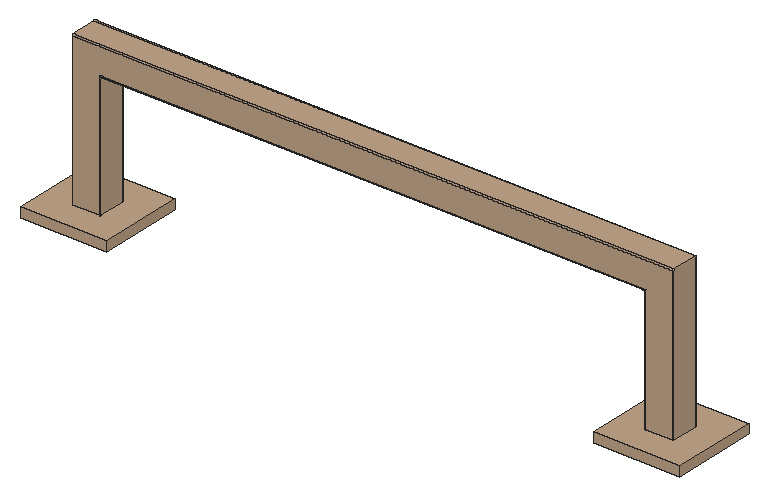
Revit family "Accessory-Towel_Bar-KALLISTA-Italy-P32744", category Specialty Equipment, host Face, Revit 2021
Family settings
  Host = Face
  Round Connector Dimension = Use Diameter
  Part Type = Normal
  OmniClass Number = 23.31.25.25
  OmniClass Title = Towel Bars
  Cut with Voids When Loaded = No
  Shared = No
  Room Calculation Point = No
Parameters (values of type "BLH-Blush Brass")
  Width = 3.34642"  # constant formula
  WaterSense Certified = 1 = 0  # no
  URL = "https://www.kallista.com/"
  Type = 6
  Product Page URL = ""
  Product Name = "Italy"  # constant formula
  Product Documentation Link = ""
  Model = if(Type = 1, "P32744\r\n-2MB", if(Type = 2, "P32744-BGP", if(Type = 3, "P32744-BN", if(Type = 4, "P32744-CP", if(Type = 5, "P32744-PGP", if(Type = 6, "P32744-BLH", "NA"))))))  # "P32744-BLH"
  Material = "Premium Metal Construction"  # constant formula
  Master Format 2014 Name = "Toilet, Bath, and Laundry Accessories"  # constant formula
  Master Format 2014 = "10 28 00"  # constant formula
  Manufacturer Address = "444 Highland Dr, Kohler, WI 53044"  # constant formula
  Manufacturer = "kallista Co."  # constant formula
  Length = 13.58575"  # constant formula
  Height = 1.77165"  # constant formula
  Finish = Kallista-Metal-BLH-Blush_Brass
  Environmental Product Declaration = ""
  Description = "12 Inch Towel Bar"  # constant formula
  Default Elevation = 42"
  Declare Label = ""
  Date Modified = "10/14/2024"  # constant formula
  Date Created = "10/14/2024"  # constant formula
  Copyright = "Copyright kallista Co."  # constant formula
  Contact Us = "https://www.kallista.com/corporate/contact-us/"
  Assembly Code = "C1030200"
  ADA Compliant = 1 = 0  # no
Types (7): name | Type | Model | Finish
  (no name) | 6 | "P32744-BLH" | Kallista-Metal-BLH-Blush_Brass
  2MB- Brushed Brass | 1 | "P32744\r\n-2MB" | Kallista-Metal-2MB- Brushed_Brass
  BGP-Brushed Graphite | 2 | "P32744-BGP" | Kallista-Metal-BGP-Brushed_Graphite
  BN-Brushed Nickel | 3 | "P32744-BN" | Kallista-Metal-BLH-Blush_Brass
  CP-Chrome | 4 | "P32744-CP" | Kallista-Metal-CP-Chrome
  PGP-Polished Graphite | 5 | "P32744-PGP" | Kallista-Metal-PGP-Polished_Graphite
  BLH-Blush Brass | 6 | "P32744-BLH" | Kallista-Metal-BLH-Blush_Brass
Reference planes (in)
  plane 1 "Center (Front/Back)": y = 0
  plane 2: z = 0
  plane 3 "Center (Left/Right)": x = 0
  plane 4: z = 3.34642
  plane 5: y = -0.88583
  plane 6: y = 0.88583
  plane 7: z = 2.75591
  plane 8: z = 0.19685
  plane 9: x = -6.74963
  plane 10: x = -4.97491
  plane 11: x = 5.066
  plane 12: x = 6.23598
  plane 13: y = 0.29528
  plane 14: y = -0.29528
  plane 15: y = 0
  plane 16: x = -6.15601
  plane 17: x = 6.83612
  plane 18: x = -5.56854
  plane 19: x = 5.65501
Dimensions and locks (in)
  plane 7 to level = 2.75591"
  plane 8 to level = 0.19685"
  "Height": plane 5 to plane 6
  plane 5 to plane 6 = 1.77165"
  "Length": plane 9 to plane 17
  plane 16 to plane 12 = 12.39199"
  plane 10 to plane 11 = 10.04091"
  "Width": plane 4 to level
  aligned and locked: plane 2 to host face
  aligned and locked: level to host face
  aligned and locked: plane 1 "Center (Front/Back)" to nested 1
  aligned and locked: plane 3 "Center (Left/Right)" to nested 1
Automatic sketch dimensions
  host sketch curve to host sketch curve = 96"  (x2)
Nested families (in)
  nested 1: "P32744" at (0, 0, 0), type "P32744"
Definition of nested family "P32744"
  Parameters
    Material = none
    Default Elevation = 0"
  Reference planes (in)
    plane 1 "Center (Front/Back)": y = 0
    plane 2: z = 0
    plane 3 "Center (Left/Right)": x = 0
    plane 4: x = -6.74963
    plane 5: x = -6.15601
    plane 6: x = -6.74963
    plane 7: z = 3.34646
    plane 8: x = -5.56854
    plane 9: y = 0.88583
    plane 10: y = -0.88583
    plane 11: y = -0.29528
    plane 12: y = 0.29528
    plane 13: z = 0.19685
    plane 14: y = 0.88583
    plane 15: y = -0.88583
    plane 16: x = 6.23598
    plane 17: x = 5.65501
    plane 18: z = 2.75591
    plane 19: x = 5.93165
    plane 20: x = -5.86227
    plane 21: y = 0.29528
    plane 22: y = 0.29528
    plane 23: y = 0.29528
    plane 24: x = 6.83611
    plane 25: x = 5.066
    plane 26: y = -0.29528
    plane 27: x = -4.97491
  Forms (in)
    Sweep 1, solid, material <- "Material", detail levels medium+fine
      path origin (-0.05521, 0, 0) x (1, 0, 0) y (0, 0, 1)
        loop
          line (-6.10462, 0.19685) -> (-6.10462, 3.34646) -> (6.29696, 3.34646) -> (6.29696, 0.19685)
      profile origin (-6.15983, 0, 1.77165) x (-1, 0, 0) y (0, -1, 0)
        loop
          line (-0.59055, 0.27573) -> (-0.59055, -0.27545)
          arc (-0.59055, -0.27545) -> (-0.58479, -0.28937) -> (-0.57087, -0.29514) r 0.01969
          line (-0.57087, -0.29514) -> (-0.01969, -0.29514)
          arc (-0.01969, -0.29514) -> (-0.00577, -0.28937) -> (0, -0.27545) r 0.01969
          line (0, -0.27545) -> (0, 0.27573)
          arc (0, 0.27573) -> (-0.00577, 0.28965) -> (-0.01969, 0.29542) r 0.01969
          line (-0.01969, 0.29542) -> (-0.57087, 0.29542)
          arc (-0.57087, 0.29542) -> (-0.58479, 0.28965) -> (-0.59055, 0.27573) r 0.01969
    Sweep 2, solid, material <- "Material", detail levels coarse
      path origin (-0.05139, 0, 0.00068) x (1, 0, 0) y (0, 0, 1)
        loop
          line (-6.10462, 0.19685) -> (-6.10462, 3.34646) -> (6.29696, 3.34646) -> (6.29696, 0.19685)
      profile origin (-6.15601, 0, 1.77233) x (-1, 0, 0) y (0, -1, 0)
        loop
          line (-0.59055, 0.27559) -> (-0.59055, -0.27559)
          arc (-0.59055, -0.27559) -> (-0.58479, -0.28951) -> (-0.57087, -0.29528) r 0.01969
          line (-0.57087, -0.29528) -> (-0.01969, -0.29528)
          arc (-0.01969, -0.29528) -> (-0.00577, -0.28951) -> (0, -0.27559) r 0.01969
          line (0, -0.27559) -> (0, 0.27559)
          arc (0, 0.27559) -> (-0.00577, 0.28951) -> (-0.01969, 0.29528) r 0.01969
          line (-0.01969, 0.29528) -> (-0.57087, 0.29528)
          arc (-0.57087, 0.29528) -> (-0.58479, 0.28951) -> (-0.59055, 0.27559) r 0.01969
    Extrusion 3, solid, material <- "Material", detail levels medium+fine
      sketch origin (-0.05446, 0, 0) x (1, 0, 0) y (0, 0, 1)
        loop
          line (-6.69517, 0.19685) -> (-6.69517, 0) -> (-4.92045, 0) -> (-4.92045, 0.19685) -> (-6.69517, 0.19685)
      from -0.88583 to 0.88583
    Extrusion 4, solid, material <- "Material", detail levels coarse
      sketch origin (-0.05446, 0, 0) x (1, 0, 0) y (0, 0, 1)
        loop
          line (-6.69517, 0.19685) -> (-6.69517, 0) -> (-4.92044, 0) -> (-4.92044, 0.19685) -> (-6.69517, 0.19685)
      from -0.88583 to 0.88583
    Extrusion 5, solid, material <- "Material", detail levels medium+fine
      sketch origin (0.13941, 0, 0) x (-1, 0, 0) y (0, 0, -1)
        loop
          line (-6.70131, -0.19685) -> (-4.92659, -0.19685) -> (-4.92659, 0) -> (-6.70131, 0) -> (-6.70131, -0.19685)
      from -0.88583 to 0.88583
    Extrusion 6, solid, material <- "Material", detail levels coarse
      sketch origin (0.14249, 0, 0) x (-1, 0, 0) y (0, 0, -1)
        loop
          line (-6.70131, -0.19685) -> (-4.92659, -0.19685) -> (-4.92659, 0) -> (-6.70131, 0) -> (-6.70131, -0.19685)
      from -0.88583 to 0.88583
  Lines and regions (in)
    Masking region 1
      outline origin (0.00307, 0, 0) x (1, 0, 0) y (0, 0, 1)
        loop
          line (6.83304, 0) -> (6.83304, 0.19685) -> (6.23291, 0.19685) -> (6.23291, 3.32674)
          arc (6.23291, 3.32674) -> (6.22714, 3.34066) -> (6.21323, 3.34643) r 0.01969
          line (6.21323, 3.34643) -> (-6.1394, 3.34643)
          arc (-6.1394, 3.34643) -> (-6.15332, 3.34066) -> (-6.15908, 3.32674) r 0.01969
          line (-6.15908, 3.32674) -> (-6.15908, 0.19685) -> (-6.7527, 0.19685) -> (-6.7527, 0) -> (-4.97798, 0) -> (-4.97798, 0.19685) -> (-5.57161, 0.19685) -> (-5.57161, 2.73622)
          arc (-5.57161, 2.73622) -> (-5.56584, 2.75014) -> (-5.55192, 2.75591) r 0.01969
          line (-5.55192, 2.75591) -> (5.63226, 2.75591)
          arc (5.63226, 2.75591) -> (5.64618, 2.75014) -> (5.65194, 2.73622) r 0.01969
          line (5.65194, 2.73622) -> (5.65194, 0.19685) -> (5.06293, 0.19685) -> (5.06293, 0) -> (6.83304, 0)
    Masking region 2
      outline origin (0, -0.88583, 0) x (1, 0, 0) y (0, 1, 0)
        loop
          line (-4.97491, 1.77165) -> (-6.74963, 1.77165) -> (-6.74963, 0) -> (-4.97491, 0) -> (-4.97491, 0.59055) -> (5.066, 0.59055) -> (5.066, 0) -> (6.83611, 0) -> (6.83611, 1.77165) -> (5.066, 1.77165) -> (5.066, 1.1811) -> (-4.97491, 1.1811) -> (-4.97491, 1.77165)
    Masking region 3
      outline origin (0, 0, 0) x (0, 1, 0) y (0, 0, 1)
        loop
          line (0.88583, 0.19685) -> (0.29528, 0.19685) -> (0.29528, 3.32677)
          arc (0.29528, 3.32677) -> (0.28951, 3.34069) -> (0.27559, 3.34646) r 0.01969
          line (0.27559, 3.34646) -> (-0.27559, 3.34646)
          arc (-0.27559, 3.34646) -> (-0.28951, 3.34069) -> (-0.29528, 3.32677) r 0.01969
          line (-0.29528, 3.32677) -> (-0.29528, 0.19685) -> (-0.88583, 0.19685) -> (-0.88583, 0) -> (0.88583, 0) -> (0.88583, 0.19685)
    symbolic lines, detail levels medium+fine
      curve 1: line (6.24249, 0, 0.19685) -> (5.65194, 0, 0.19685)
      curve 2: line (-5.56853, 0, 0.19685) -> (-6.19896, 0, 0.19685)
      curve 3: line (-6.15601, 0.29528, 0) -> (-6.15601, -0.29528, 0)
      curve 4: line (-4.97491, 0.29528, 0) -> (-6.15601, 0.29528, 0)
      curve 5: line (-4.97491, -0.29528, 0) -> (-6.15601, -0.29528, 0)
      curve 6: line (6.23598, 0.29528, 0) -> (6.23598, -0.29528, 0)
      curve 7: line (4.98105, 0.29528, 0) -> (6.23598, 0.29528, 0)
      curve 8: line (4.98105, -0.29528, 0) -> (6.23598, -0.29528, 0)
      curve 9: line (0, 0.29528, 0.19685) -> (0, -0.29528, 0.19685)
      curve 10: line (0, 0.29528, 2.75584) -> (0, -0.29528, 2.75584)
  Dimensions and locks (in)
    level to plane 7 = 3.34646"
    level to plane 18 = 2.75591"
    plane 19 to plane 20 = 11.79392"
    plane 16 to plane 5 = 12.39199"
    aligned and locked: plane 2 to level
